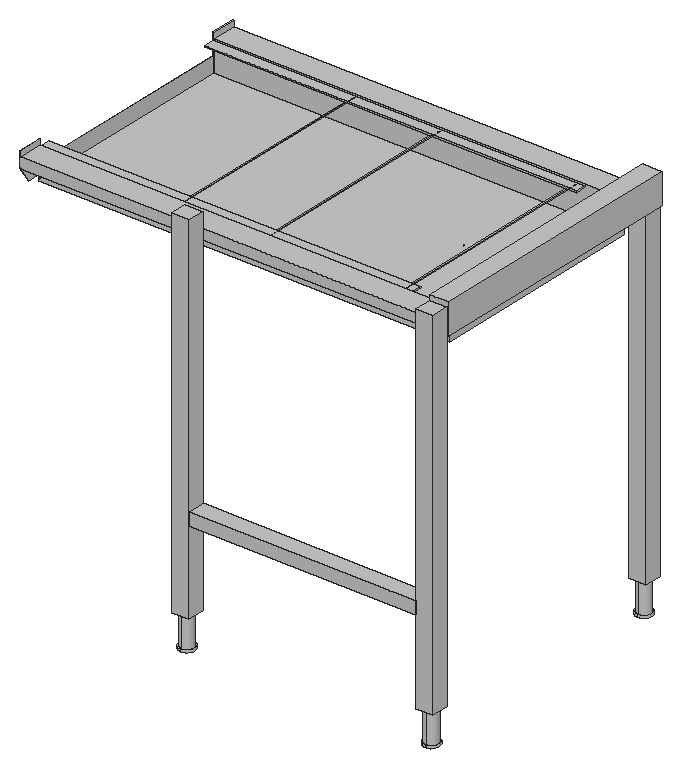
Revit family "QF_ELECTROLUXPROFESSIONAL_863130_HSSL10", category Specialty Equipment, Revit 2018
Family settings
  Round Connector Dimension = Use Diameter
  Part Type = Normal
  Work Plane-Based = No
  Always vertical = Yes
  Cut with Voids When Loaded = No
  Shared = No
  Room Calculation Point = No
Parameters
  Weight = 0.00 kg
  Watts = 0 W
  Volts = 0 V
  URL Manufacturer = "http://professional.electrolux.com/"
  URL = "http://professional.electrolux.com/"
  Steam Supply Size = 0 mm
  Steam Supply Minimum Pressure = 0.0 Pa
  Steam Supply Maximum Pressure = 0.0 Pa
  Steam Pounds per Hour = 0
  Refrigeration Suction Line Size = 0 mm
  Refrigeration Liquid Line Size = 0 mm
  Refrigerant Compressor Remote = yes
  Manufacturer = "Electrolux"
  Phase = 0
  Model = "HSSL10"
  Length Actual = 1000 mm  # constant formula
  Item Number = "863130"
  Hot Water Size = 0 mm
  Height Actual = 922 mm  # constant formula
  HP = "0 HP"
  Gas Size = 0 mm
  Gas KW = 0
  Gas Input Pressure = 0 W
  Description = "SIDE LOADER, DW DRIVEN L=1000"
  Depth Actual = 623 mm  # constant formula
  Cycle = 0 Hz
  Condensate Return Size = 0 mm
  Compressed Air Volume = 0.0 L/s
  Compressed Air Size = 0 mm
  Compressed Air Pressure = 0.0 Pa
  Cold Water Size = 0 mm
  Accessory = yes
Reference planes
  plane 1 "Centro (Fronte/Retro)": y = 74.737
  plane 2: z = 0
  plane 3 "LEFT": x = -1238.761
  plane 4 "BACK": y = 384.737
  plane 5 "FRONT": y = -235.263
  plane 6 "RIGHT": x = -238.761
  plane 7: z = 887.1
  plane 8: x = -548.761
Forms (mm)
  Extrusion 1, solid, material "QF_Finishes_Stainless Steel"
    sketch origin (11.239, 0, 0) x (0, 1, 0) y (0, 0, 1)
      loop
        line (-235.263, 874.1) -> (-235.263, 850.033) -> (-178.263, 850.033) -> (-178.263, 874.1) -> (-235.263, 874.1)
      loop
        line (384.737, 874.1) -> (327.737, 874.1) -> (327.737, 850.033) -> (384.737, 850.033) -> (384.737, 874.1)
    from -1248.8 to -293.54
  Extrusion 2, solid, material "QF_Finishes_Stainless Steel"
    sketch origin (11.239, 0, 0) x (0, 1, 0) y (0, 0, 1)
      loop
        line (-179.749, 850.033) -> (-179.749, 800.081) -> (329.266, 800.081) -> (329.266, 850.033) -> (327.737, 850.033) -> (327.737, 803.081) -> (-178.263, 803.081) -> (-178.263, 850.033) -> (-179.749, 850.033)
    from -1248.8 to -293.54
  Extrusion 3, solid, material "QF_Finishes_Stainless Steel"
    sketch origin (1218.899, 723.253, 4000) x (0, 1, 0) y (0, 0, 1)
      loop
        line (-903.002, -3149.967) -> (-903.002, -3199.919) -> (-393.987, -3199.919) -> (-393.987, -3149.967) -> (-903.002, -3149.967)
    from -1500 to -1501.2
  Extrusion 4, solid, material "QF_Finishes_Stainless Steel"
    sketch origin (-548.761, 803.498, 0) x (0, 1, 0) y (0, 0, 1)
      loop
        line (-1079.929, 300) -> (-1079.929, 270) -> (-1039.929, 270) -> (-1039.929, 300) -> (-1079.929, 300)
    from -264.04 to 266.46
  Extrusion 5, solid, material "QF_Finishes_Stainless Steel"
    sketch origin (262.439, 723.253, 4000) x (0, 1, 0) y (0, 0, 1)
      loop
        line (-958.516, -3112.9) -> (-958.516, -3149.967) -> (-934.752, -3185.632) -> (-903.002, -3185.632) -> (-903.002, -3199.919) -> (-382.009, -3199.919) -> (-382.009, -3185.632) -> (-362.281, -3185.632) -> (-338.516, -3149.967) -> (-338.516, -3112.9) -> (-395.516, -3112.9) -> (-395.516, -3161.926) -> (-901.516, -3161.926) -> (-901.516, -3112.9) -> (-958.516, -3112.9)
    from -1500 to -1501.2
  Extrusion 6, solid, material "QF_Finishes_Stainless Steel"
    sketch origin (800, 74.737, 0) x (1, 0, 0) y (0, 0, 1)
      loop
        line (-1082.301, 922.1) -> (-1082.301, 850.033) -> (-1038.761, 850.033) -> (-1038.761, 922.1) -> (-1082.301, 922.1)
    from -310 to 310
  Extrusion 7, solid, material "QF_Finishes_Stainless Steel"
    sketch origin (11.239, 0, 40) x (0, 1, 0) y (0, 0, 1)
      loop
        line (-178.263, 831.1) -> (-178.263, 828.1) -> (-152.853, 828.1) -> (-152.853, 831.1) -> (-178.263, 831.1)
      loop
        line (327.737, 828.1) -> (327.737, 831.1) -> (302.405, 831.1) -> (302.405, 828.1) -> (327.737, 828.1)
    from -1248.8 to -381.964
  Extrusion 8, solid, material "QF_Finishes_Stainless Steel"
    sketch origin (0, 74.737, 0) x (1, 0, 0) y (0, 0, 1)
      loop
        circle (-394.266, 866.614) r 1.486
      loop
        circle (-710.724, 866.614) r 1.486
      loop
        circle (-910.724, 866.614) r 1.486
    from -253 to 253
  Revolve 9, solid, material "QF_Finishes_Stainless Steel"
    sketch origin (-548.761, 0, 182.048) x (0, 1, 0) y (0, 0, 1)
      loop
        line (74.737, 618.033) -> (-1.756, 618.033) -> (-1.756, 601.823) -> (0.354, 601.823)
        arc (0.354, 601.823) -> (3.64, 597.973) -> (0.351, 594.125) r 3.897
        line (0.351, 594.125) -> (-1.756, 594.125) -> (-1.756, 551.31)
        arc (-1.756, 551.31) -> (8.91, 520.632) -> (36.296, 503.17) r 49.497
        line (36.296, 503.17) -> (36.296, 500.684) -> (37.487, 497.398) -> (51.25, 491.407) -> (51.25, 455.535) -> (52.727, 454.059) -> (74.737, 454.059) -> (74.737, 618.033)
      axis (74.737, 454.059) -> (74.737, 618.033)
    angle from 0 to 360
Cuts and joins
  joined: Extrusion 1, Extrusion 2, Extrusion 3, Extrusion 5, Extrusion 6, Extrusion 7, Extrusion 8
Lines and regions (mm)
  Masking region 1
    outline origin (0, 0, 0) x (1, 0, 0) y (0, 1, 0)
      loop
        line (-1238.761, 384.737) -> (-1238.761, -235.263) -> (-238.761, -235.263) -> (-238.761, 384.737) -> (-1238.761, 384.737)
  Split face 1
    outline origin (-282.301, 327.737, 803.081) x (-1, 0, 0) y (0, -1, 0)
      loop
        circle (266.46, 253) r 53
  Split face 2
    outline origin (-282.301, 327.737, 803.081) x (-1, 0, 0) y (0, -1, 0)
      loop
        circle (266.46, 253) r 36
  Split face 3
    outline origin (-282.301, 327.737, 803.081) x (-1, 0, 0) y (0, -1, 0)
      loop
        circle (266.46, 253) r 9.1
  Split face 4
    outline origin (-282.301, 327.737, 803.081) x (-1, 0, 0) y (0, -1, 0)
      loop
        circle (266.46, 253) r 3
  Split face 5
    outline origin (-282.301, 327.737, 803.081) x (-1, 0, 0) y (0, -1, 0)
      loop
        circle (266.46, 253) r 26
  symbolic lines
    curve 1: line (-238.761, 384.737, 0) -> (-1238.761, 384.737, 0)
    curve 2: line (-238.761, -235.263, 0) -> (-238.761, 384.737, 0)
    curve 3: line (-1238.761, -235.263, 0) -> (-238.761, -235.263, 0)
    curve 4: line (-282.301, -178.263, 0) -> (-1238.761, -178.263, 0)
    curve 5: line (-282.301, -235.263, 0) -> (-282.301, 384.737, 0)
    curve 6: line (-370.724, -178.263, 0) -> (-370.724, -152.853, 0)
    curve 7: line (-370.724, -152.853, 0) -> (-1238.761, -152.853, 0)
    curve 8: line (-912.211, -152.853, 0) -> (-912.211, 302.327, 0)
    curve 9: line (-1238.761, 327.737, 0) -> (-282.301, 327.737, 0)
    curve 10: line (-909.238, 302.327, 0) -> (-909.238, -152.853, 0)
    curve 11: line (-395.752, -152.853, 0) -> (-395.752, 302.327, 0)
    curve 12: line (-392.779, 302.147, 0) -> (-392.779, -152.853, 0)
    curve 13: line (-370.724, 327.737, 0) -> (-370.724, 302.327, 0)
    curve 14: line (-370.724, 302.327, 0) -> (-1238.761, 302.327, 0)
    curve 15: line (-1238.761, 74.737, 0) -> (-1208.761, 74.737, 0)
    curve 16: line (-548.761, -235.263, 0) -> (-548.761, -205.263, 0)
    curve 17: arc (-548.761, -1.756, 0) -> (-625.254, 74.737, 0) -> (-548.761, 151.231, 0) r 76.494
    curve 18: arc (-548.761, 151.231, 0) -> (-472.267, 74.737, 0) -> (-548.761, -1.756, 0) r 76.494
    curve 19: arc (-548.761, 96.747, 0) -> (-570.771, 74.737, 0) -> (-548.761, 52.727, 0) r 22.01
    curve 20: arc (-548.761, 52.727, 0) -> (-526.751, 74.737, 0) -> (-548.761, 96.747, 0) r 22.01
    curve 21: line (-712.211, -152.853, 0) -> (-712.211, 302.327, 0)
    curve 22: line (-709.238, 302.327, 0) -> (-709.238, -152.853, 0)
Dimensions and locks
  plane 3 "LEFT" to plane 6 "RIGHT" = 1000 mm
  equal spacing: plane 4 "BACK", plane 1 "Centro (Fronte/Retro)", plane 5 "FRONT"
  plane 4 "BACK" to plane 5 "FRONT" = 620 mm
  cut or joined group of Extrusion 1, Extrusion 2, Extrusion 3, Extrusion 5, Extrusion 6, Extrusion 7, Extrusion 8 to cut or joined group of Extrusion 1, Extrusion 2, Extrusion 3, Extrusion 5, Extrusion 6, Extrusion 7, Extrusion 8 = 506 mm
  Extrusion 8 sketch curve to Extrusion 8 sketch curve to Extrusion 8 sketch curve to plane 6 "RIGHT" = 200 mm locked, 316.459 mm locked, 155.505 mm locked
  plane 8 to plane 6 "RIGHT" = 310 mm
  aligned and locked: level to plane 2
Automatic sketch dimensions
  plane 5 "FRONT" to Extrusion 2 sketch curve = 55.514 mm
  Extrusion 2 sketch curve to Extrusion 2 sketch curve = 1.486 mm
  Extrusion 2 sketch curve to plane 4 "BACK" = 57 mm
  Extrusion 2 sketch curve to Extrusion 2 sketch curve = 1.529 mm
  Extrusion 2 sketch curve to plane 7 = 87.019 mm
  Extrusion 2 sketch curve to Extrusion 2 sketch curve = 3 mm
  Extrusion 2 sketch curve to plane 7 = 37.067 mm  (x2)
  plane 5 "FRONT" to Extrusion 3 sketch curve = 55.514 mm
  Extrusion 3 sketch curve to plane 4 "BACK" = 55.471 mm
  Extrusion 3 sketch curve to plane 7 = 87.019 mm
  Extrusion 3 sketch curve to plane 7 = 37.067 mm
  Masking region 1 sketch curve to plane 3 "LEFT" = 0 mm
  Masking region 1 sketch curve to plane 5 "FRONT" = 0 mm
  Masking region 1 sketch curve to plane 6 "RIGHT" = 0 mm
  Masking region 1 sketch curve to plane 4 "BACK" = 0 mm
  Extrusion 4 sketch curve to plane 5 "FRONT" = 41.168 mm
  Extrusion 4 sketch curve to plane 5 "FRONT" = 1.168 mm
  level to Extrusion 4 sketch curve = 270 mm
  Extrusion 4 sketch curve to Extrusion 4 sketch curve = 30 mm
  Extrusion 5 sketch curve to plane 5 "FRONT" = 0 mm
  Extrusion 5 sketch curve to plane 7 = 0 mm  (x2)
  Extrusion 5 sketch curve to plane 4 "BACK" = 0 mm
  plane 5 "FRONT" to Extrusion 5 sketch curve = 23.764 mm
  Extrusion 5 sketch curve to Extrusion 5 sketch curve = 31.75 mm
  plane 5 "FRONT" to Extrusion 5 sketch curve = 57 mm
  Extrusion 5 sketch curve to plane 4 "BACK" = 57 mm
  Extrusion 5 sketch curve to Extrusion 5 sketch curve = 13.508 mm
  Extrusion 5 sketch curve to Extrusion 5 sketch curve = 19.728 mm
  Extrusion 5 sketch curve to plane 7 = 37.067 mm  (x2)
  Extrusion 5 sketch curve to Extrusion 5 sketch curve = 11.959 mm
  Extrusion 5 sketch curve to Extrusion 5 sketch curve = 23.706 mm  (x2)
  Extrusion 5 sketch curve to Extrusion 5 sketch curve = 14.287 mm
  Extrusion 6 sketch curve to plane 6 "RIGHT" = 0 mm
  Extrusion 6 sketch curve to plane 6 "RIGHT" = 43.54 mm
  Extrusion 6 sketch curve to plane 7 = 37.067 mm
  plane 7 to Extrusion 6 sketch curve = 35 mm
  plane 5 "FRONT" to Extrusion 7 sketch curve = 57 mm
  Extrusion 7 sketch curve to plane 4 "BACK" = 57 mm
  Extrusion 7 sketch curve to plane 7 = 16 mm  (x2)
  Extrusion 7 sketch curve to Extrusion 7 sketch curve = 25.41 mm
  Extrusion 7 sketch curve to Extrusion 7 sketch curve = 25.332 mm
  Extrusion 7 sketch curve to Extrusion 7 sketch curve = 3 mm  (x2)
  Extrusion 1 sketch curve to plane 5 "FRONT" = 0 mm
  Extrusion 1 sketch curve to plane 4 "BACK" = 0 mm
  plane 5 "FRONT" to Extrusion 1 sketch curve = 57 mm
  Extrusion 1 sketch curve to plane 7 = 13 mm  (x2)
  Extrusion 1 sketch curve to plane 4 "BACK" = 57 mm
  Extrusion 1 sketch curve to Extrusion 1 sketch curve = 24.067 mm
  Extrusion 1 sketch curve to plane 7 = 37.067 mm
  plane 1 "Centro (Fronte/Retro)" to Revolve 9 sketch curve = 76.494 mm
  Revolve 9 sketch curve to Revolve 9 sketch curve = 0 mm  (x2)
  Revolve 9 sketch curve to Revolve 9 sketch curve = 1.5 mm
  Revolve 9 sketch curve to Revolve 9 sketch curve = 2.107 mm
  Revolve 9 sketch curve to Revolve 9 sketch curve = 2.11 mm
  plane 1 "Centro (Fronte/Retro)" to Revolve 9 sketch curve = 38.441 mm
  Revolve 9 sketch curve to Revolve 9 sketch curve = 1.191 mm
  plane 1 "Centro (Fronte/Retro)" to Revolve 9 sketch curve = 26.996 mm
  Revolve 9 sketch curve to Revolve 9 sketch curve = 13.764 mm
  Revolve 9 sketch curve to Revolve 9 sketch curve = 1.476 mm  (x2)
  Revolve 9 sketch curve to Revolve 9 sketch curve = 22.01 mm
  Revolve 9 sketch curve to plane 7 = 250.993 mm
  Revolve 9 sketch curve to Revolve 9 sketch curve = 35.872 mm
  Revolve 9 sketch curve to Revolve 9 sketch curve = 5.991 mm
  Revolve 9 sketch curve to Revolve 9 sketch curve = 3.286 mm
  Revolve 9 sketch curve to Revolve 9 sketch curve = 2.486 mm
  Revolve 9 sketch curve to Revolve 9 sketch curve = 48.139 mm
  Revolve 9 sketch curve to Revolve 9 sketch curve = 42.815 mm
  Revolve 9 sketch curve to Revolve 9 sketch curve = 3.849 mm
  Revolve 9 sketch curve to Revolve 9 sketch curve = 66.706 mm
  Revolve 9 sketch curve to Revolve 9 sketch curve = 3 mm
  Revolve 9 sketch curve to Revolve 9 sketch curve = 14.991 mm
  Extrusion 8 sketch curve to plane 7 = 20.486 mm  (x3)
  cut or joined group of Extrusion 1, Extrusion 2, Extrusion 3, Extrusion 5, Extrusion 6, Extrusion 7, Extrusion 8 to Split face 1 sketch curve = 266.46 mm
  cut or joined group of Extrusion 1, Extrusion 2, Extrusion 3, Extrusion 5, Extrusion 6, Extrusion 7, Extrusion 8 to Split face 1 sketch curve = 253 mm
  cut or joined group of Extrusion 1, Extrusion 2, Extrusion 3, Extrusion 5, Extrusion 6, Extrusion 7, Extrusion 8 to Split face 2 sketch curve = 266.46 mm
  cut or joined group of Extrusion 1, Extrusion 2, Extrusion 3, Extrusion 5, Extrusion 6, Extrusion 7, Extrusion 8 to Split face 2 sketch curve = 253 mm
  cut or joined group of Extrusion 1, Extrusion 2, Extrusion 3, Extrusion 5, Extrusion 6, Extrusion 7, Extrusion 8 to Split face 3 sketch curve = 266.46 mm
  cut or joined group of Extrusion 1, Extrusion 2, Extrusion 3, Extrusion 5, Extrusion 6, Extrusion 7, Extrusion 8 to Split face 3 sketch curve = 253 mm
  cut or joined group of Extrusion 1, Extrusion 2, Extrusion 3, Extrusion 5, Extrusion 6, Extrusion 7, Extrusion 8 to Split face 4 sketch curve = 266.46 mm
  cut or joined group of Extrusion 1, Extrusion 2, Extrusion 3, Extrusion 5, Extrusion 6, Extrusion 7, Extrusion 8 to Split face 4 sketch curve = 253 mm
  cut or joined group of Extrusion 1, Extrusion 2, Extrusion 3, Extrusion 5, Extrusion 6, Extrusion 7, Extrusion 8 to Split face 5 sketch curve = 266.46 mm
  cut or joined group of Extrusion 1, Extrusion 2, Extrusion 3, Extrusion 5, Extrusion 6, Extrusion 7, Extrusion 8 to Split face 5 sketch curve = 253 mm
  curve 17 to curve 18 = 0 mm  (x2)
  curve 17 to curve 19 = 0 mm  (x2)
  curve 17 to curve 20 = 0 mm  (x2)
  curve 18 to curve 19 = 0 mm  (x2)
  curve 18 to curve 20 = 0 mm  (x2)
  curve 19 to curve 20 = 0 mm  (x2)
  curve 9 to plane 3 "LEFT" = 0 mm
  curve 1 to plane 3 "LEFT" = 0 mm
  plane 1 "Centro (Fronte/Retro)" to curve 15 = 0 mm
  curve 15 to plane 3 "LEFT" = 0 mm
  curve 14 to plane 3 "LEFT" = 0 mm
  curve 3 to plane 3 "LEFT" = 0 mm
  curve 7 to plane 3 "LEFT" = 0 mm
  curve 4 to plane 3 "LEFT" = 0 mm
  curve 16 to plane 5 "FRONT" = 0 mm
  curve 20 to plane 8 = 0 mm
  curve 5 to plane 4 "BACK" = 0 mm
  curve 2 to plane 6 "RIGHT" = 0 mm
  plane 1 "Centro (Fronte/Retro)" to curve 18 = 0 mm
  curve 13 to plane 6 "RIGHT" = 131.964 mm
  curve 7 to plane 6 "RIGHT" = 131.964 mm
  plane 5 "FRONT" to curve 6 = 82.41 mm
  curve 13 to plane 4 "BACK" = 82.41 mm
  curve 15 to curve 15 = 30 mm
  curve 7 to curve 8 = 326.55 mm
  curve 8 to curve 10 = 2.973 mm
  plane 5 "FRONT" to curve 16 = 30 mm
  curve 10 to curve 16 = 360.477 mm
  curve 21 to curve 16 = 163.45 mm
  curve 21 to curve 22 = 2.973 mm
  curve 11 to curve 13 = 25.027 mm
  curve 11 to curve 12 = 2.973 mm
  curve 5 to curve 1 = 43.54 mm
  curve 4 to curve 7 = 25.41 mm
  curve 18 to curve 17 = 76.494 mm
  curve 20 to curve 17 = 22.01 mm
  curve 12 to curve 11 = 0.181 mm
  curve 13 to curve 13 = 25.41 mm
  radius of Extrusion 8 sketch curve = 1.486 mm  (x3)
  radius of Split face 1 sketch curve = 53 mm
  radius of Split face 2 sketch curve = 36 mm
  radius of Split face 3 sketch curve = 9.1 mm
  radius of Split face 4 sketch curve = 3 mm
  radius of Split face 5 sketch curve = 26 mm
Nested families
  nested 1: "Foot_40x40" at (-832.801, -256.431, 0) x (0, 1, 0) z (0, 0, 1), type "Foot_40x40"
    with A 910 mm
  nested 2: "Foot_40x40" at (-262.253, -256.431, 0) x (0, 1, 0) z (0, 0, 1), type "Foot_40x40"
    with A 910 mm
  nested 3: "Foot_40x40" at (-262.253, 363.569, 0) x (0, 1, 0) z (0, 0, 1), type "Foot_40x40"
    with A 850.033 mm
Connectors
  piping at (-548.761, 74.737, 636.107), diameter 30
    settings: on Revolve 9, index 1, connector inside diameter 609.6 mm, connector length 0 mm, flow factor 0, pipe flow 0.0 L/s, pressure drop 0.0 Pa, fitting loss kfactor 0, connector angle 0.00°, fixture units 0, engagement length 0 mm, angle of deflection 0.00°, flow configuration 1, flow direction 2, fitting loss method 0, system type 16, joint type 0, gender type 0, connector reference index -1, connector utility 0, adjustable connector no, is connector primary yes, connector description "Drain"
Definition of nested family "Foot_40x40"
  Parameters
    A [instance] = 850 mm
  Reference planes
    plane 1 "Centro (Fronte/Retro)": y = 0
    plane 2: z = 0
    plane 3 "Centro (Sinistra/Destra)": x = 0
    plane 4: z = 850
  Forms (mm)
    Extrusion 1, solid
      sketch origin (0, 0, 0) x (1, 0, 0) y (0, 1, 0)
        loop
          circle (0, 0) r 18
      from 0 to 5
    Extrusion 2, solid
      sketch origin (0, 0, 5) x (1, 0, 0) y (0, 1, 0)
        loop
          circle (0, 0) r 15
      from 0 to 70
    Extrusion 3, solid
      sketch origin (0, 0, 75) x (1, 0, 0) y (0, 1, 0)
        loop
          line (-20, 20) -> (-20, -20) -> (20, -20) -> (20, 20) -> (-20, 20)
      from 0 to 775
  Dimensions and locks
    "A": plane 4 to plane 2
    aligned and locked: level to plane 2
    aligned and locked: plane 4 to Extrusion 3
    aligned and locked: Extrusion 1 to level
  Automatic sketch dimensions
    plane 1 "Centro (Fronte/Retro)" to Extrusion 1 sketch curve = 0 mm
    Extrusion 1 sketch curve to plane 3 "Centro (Sinistra/Destra)" = 0 mm
    Extrusion 3 sketch curve to Extrusion 3 sketch curve = 40 mm  (x2)
    radius of Extrusion 1 sketch curve = 18 mm
    radius of Extrusion 2 sketch curve to Extrusion 1 = 3 mm
